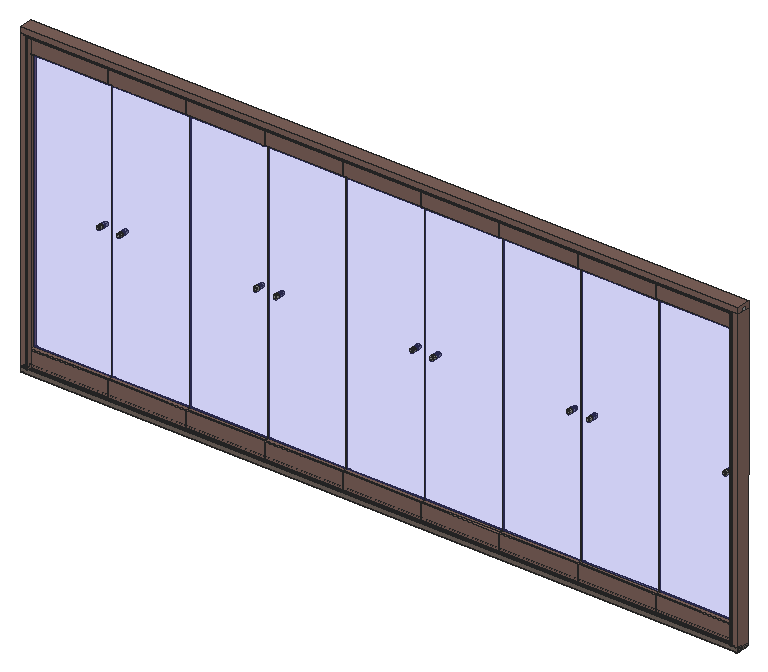
Revit family "FL9L 2385 LH", category Doors, host Wall, Revit 2015 (continued)
Automatic sketch dimensions
  Revolve 17 sketch curve to Revolve 17 sketch curve = 5 mm  (x2)
  Revolve 17 sketch curve to Revolve 17 sketch curve = 16 mm
  Revolve 17 sketch curve to Revolve 17 sketch curve = 1 mm  (x2)
  level to Revolve 17 sketch curve = 1179.5 mm
  Revolve 17 sketch curve to Revolve 17 sketch curve = 10 mm
  Revolve 17 sketch curve to Revolve 17 sketch curve = 14 mm
  Revolve 17 sketch curve to Revolve 17 sketch curve = 0 mm  (x3)
  Revolve 18 sketch curve to host wall = 0 mm
  Revolve 18 sketch curve to host wall = 5 mm
  Revolve 18 sketch curve to Revolve 18 sketch curve = 5 mm
  Revolve 18 sketch curve to Revolve 18 sketch curve = 3 mm
  host wall to Revolve 18 sketch curve = 16 mm
  Revolve 18 sketch curve to Revolve 18 sketch curve = 1 mm  (x2)
  plane 5 to Revolve 18 sketch curve = 1190.5 mm
  Revolve 18 sketch curve to Revolve 18 sketch curve = 0 mm  (x4)
  Revolve 18 sketch curve to Revolve 18 sketch curve = 14 mm
  Revolve 19 sketch curve to host wall = 23 mm
  Revolve 19 sketch curve to Revolve 19 sketch curve = 3 mm
  Revolve 19 sketch curve to Revolve 19 sketch curve = 5 mm  (x2)
  Revolve 19 sketch curve to Revolve 19 sketch curve = 16 mm
  Revolve 19 sketch curve to Revolve 19 sketch curve = 1 mm  (x2)
  plane 5 to Revolve 19 sketch curve = 1190.5 mm
  Revolve 19 sketch curve to Revolve 19 sketch curve = 0 mm  (x4)
  Revolve 19 sketch curve to Revolve 19 sketch curve = 14 mm
  Revolve 20 sketch curve to host wall = 0 mm
  Revolve 20 sketch curve to host wall = 5 mm
  Revolve 20 sketch curve to Revolve 20 sketch curve = 5 mm
  Revolve 20 sketch curve to Revolve 20 sketch curve = 3 mm
  host wall to Revolve 20 sketch curve = 16 mm
  Revolve 20 sketch curve to Revolve 20 sketch curve = 1 mm  (x2)
  level to Revolve 20 sketch curve = 1179.5 mm
  Revolve 20 sketch curve to Revolve 20 sketch curve = 10 mm
  Revolve 20 sketch curve to Revolve 20 sketch curve = 14 mm
  Revolve 20 sketch curve to Revolve 20 sketch curve = 0 mm  (x3)
  Revolve 21 sketch curve to host wall = 23 mm
  Revolve 21 sketch curve to Revolve 21 sketch curve = 3 mm
  Revolve 21 sketch curve to Revolve 21 sketch curve = 5 mm  (x2)
  Revolve 21 sketch curve to Revolve 21 sketch curve = 16 mm
  Revolve 21 sketch curve to Revolve 21 sketch curve = 1 mm  (x2)
  level to Revolve 21 sketch curve = 1179.5 mm
  Revolve 21 sketch curve to Revolve 21 sketch curve = 10 mm
  Revolve 21 sketch curve to Revolve 21 sketch curve = 14 mm
  Revolve 21 sketch curve to Revolve 21 sketch curve = 0 mm  (x3)
  Revolve 22 sketch curve to host wall = 0 mm
  Revolve 22 sketch curve to host wall = 5 mm
  Revolve 22 sketch curve to Revolve 22 sketch curve = 5 mm
  Revolve 22 sketch curve to Revolve 22 sketch curve = 3 mm
  host wall to Revolve 22 sketch curve = 16 mm
  Revolve 22 sketch curve to Revolve 22 sketch curve = 1 mm  (x2)
  plane 5 to Revolve 22 sketch curve = 1190.5 mm
  Revolve 22 sketch curve to Revolve 22 sketch curve = 0 mm  (x4)
  Revolve 22 sketch curve to Revolve 22 sketch curve = 14 mm
  Revolve 23 sketch curve to host wall = 23 mm
  Revolve 23 sketch curve to Revolve 23 sketch curve = 3 mm
  Revolve 23 sketch curve to Revolve 23 sketch curve = 5 mm  (x2)
  Revolve 23 sketch curve to Revolve 23 sketch curve = 16 mm
  Revolve 23 sketch curve to Revolve 23 sketch curve = 1 mm  (x2)
  plane 5 to Revolve 23 sketch curve = 1190.5 mm
  Revolve 23 sketch curve to Revolve 23 sketch curve = 0 mm  (x4)
  Revolve 23 sketch curve to Revolve 23 sketch curve = 14 mm
  Revolve 24 sketch curve to host wall = 0 mm
  Revolve 24 sketch curve to host wall = 5 mm
  Revolve 24 sketch curve to Revolve 24 sketch curve = 5 mm
  Revolve 24 sketch curve to Revolve 24 sketch curve = 3 mm
  host wall to Revolve 24 sketch curve = 16 mm
  Revolve 24 sketch curve to Revolve 24 sketch curve = 1 mm  (x2)
  level to Revolve 24 sketch curve = 1179.5 mm
  Revolve 24 sketch curve to Revolve 24 sketch curve = 10 mm
  Revolve 24 sketch curve to Revolve 24 sketch curve = 14 mm
  Revolve 24 sketch curve to Revolve 24 sketch curve = 0 mm  (x3)
  Revolve 25 sketch curve to host wall = 23 mm
  Revolve 25 sketch curve to Revolve 25 sketch curve = 3 mm
  Revolve 25 sketch curve to Revolve 25 sketch curve = 5 mm  (x2)
  Revolve 25 sketch curve to Revolve 25 sketch curve = 16 mm
  Revolve 25 sketch curve to Revolve 25 sketch curve = 1 mm  (x2)
  level to Revolve 25 sketch curve = 1179.5 mm
  Revolve 25 sketch curve to Revolve 25 sketch curve = 10 mm
  Revolve 25 sketch curve to Revolve 25 sketch curve = 14 mm
  Revolve 25 sketch curve to Revolve 25 sketch curve = 0 mm  (x3)
  Revolve 26 sketch curve to host wall = 0 mm
  Revolve 26 sketch curve to host wall = 5 mm
  Revolve 26 sketch curve to Revolve 26 sketch curve = 5 mm
  Revolve 26 sketch curve to Revolve 26 sketch curve = 3 mm
  host wall to Revolve 26 sketch curve = 16 mm
  Revolve 26 sketch curve to Revolve 26 sketch curve = 1 mm  (x2)
  plane 5 to Revolve 26 sketch curve = 1190.5 mm
  Revolve 26 sketch curve to Revolve 26 sketch curve = 0 mm  (x4)
  Revolve 26 sketch curve to Revolve 26 sketch curve = 14 mm
  Revolve 27 sketch curve to host wall = 23 mm
  Revolve 27 sketch curve to Revolve 27 sketch curve = 3 mm
  Revolve 27 sketch curve to Revolve 27 sketch curve = 5 mm  (x2)
  Revolve 27 sketch curve to Revolve 27 sketch curve = 16 mm
  Revolve 27 sketch curve to Revolve 27 sketch curve = 1 mm  (x2)
  plane 5 to Revolve 27 sketch curve = 1190.5 mm
  Revolve 27 sketch curve to Revolve 27 sketch curve = 0 mm  (x4)
  Revolve 27 sketch curve to Revolve 27 sketch curve = 14 mm
  Revolve 28 sketch curve to host wall = 0 mm
  Revolve 28 sketch curve to host wall = 5 mm
  Revolve 28 sketch curve to Revolve 28 sketch curve = 5 mm
  Revolve 28 sketch curve to Revolve 28 sketch curve = 3 mm
  host wall to Revolve 28 sketch curve = 16 mm
  Revolve 28 sketch curve to Revolve 28 sketch curve = 1 mm  (x2)
  level to Revolve 28 sketch curve = 1179.5 mm
  Revolve 28 sketch curve to Revolve 28 sketch curve = 10 mm
  Revolve 28 sketch curve to Revolve 28 sketch curve = 14 mm
  Revolve 28 sketch curve to Revolve 28 sketch curve = 0 mm  (x3)
  Revolve 29 sketch curve to host wall = 23 mm
  Revolve 29 sketch curve to Revolve 29 sketch curve = 3 mm
  Revolve 29 sketch curve to Revolve 29 sketch curve = 5 mm  (x2)
  Revolve 29 sketch curve to Revolve 29 sketch curve = 16 mm
  Revolve 29 sketch curve to Revolve 29 sketch curve = 1 mm  (x2)
  level to Revolve 29 sketch curve = 1179.5 mm
  Revolve 29 sketch curve to Revolve 29 sketch curve = 10 mm
  Revolve 29 sketch curve to Revolve 29 sketch curve = 14 mm
  Revolve 29 sketch curve to Revolve 29 sketch curve = 0 mm  (x3)
  Revolve 30 sketch curve to host wall = 0 mm
  Revolve 30 sketch curve to host wall = 5 mm
  Revolve 30 sketch curve to Revolve 30 sketch curve = 5 mm
  Revolve 30 sketch curve to Revolve 30 sketch curve = 3 mm
  host wall to Revolve 30 sketch curve = 16 mm
  Revolve 30 sketch curve to Revolve 30 sketch curve = 1 mm  (x2)
  plane 5 to Revolve 30 sketch curve = 1190.5 mm
  Revolve 30 sketch curve to Revolve 30 sketch curve = 0 mm  (x4)
  Revolve 30 sketch curve to Revolve 30 sketch curve = 14 mm
  Revolve 31 sketch curve to host wall = 23 mm
  Revolve 31 sketch curve to Revolve 31 sketch curve = 3 mm
  Revolve 31 sketch curve to Revolve 31 sketch curve = 5 mm  (x2)
  Revolve 31 sketch curve to Revolve 31 sketch curve = 16 mm
  Revolve 31 sketch curve to Revolve 31 sketch curve = 1 mm  (x2)
  plane 5 to Revolve 31 sketch curve = 1190.5 mm
  Revolve 31 sketch curve to Revolve 31 sketch curve = 0 mm  (x4)
  Revolve 31 sketch curve to Revolve 31 sketch curve = 14 mm
  Revolve 32 sketch curve to host wall = 0 mm
  Revolve 32 sketch curve to host wall = 5 mm
  Revolve 32 sketch curve to Revolve 32 sketch curve = 5 mm
  Revolve 32 sketch curve to Revolve 32 sketch curve = 3 mm
  host wall to Revolve 32 sketch curve = 16 mm
  Revolve 32 sketch curve to Revolve 32 sketch curve = 1 mm  (x2)
  level to Revolve 32 sketch curve = 1179.5 mm
  Revolve 32 sketch curve to Revolve 32 sketch curve = 10 mm
  Revolve 32 sketch curve to Revolve 32 sketch curve = 14 mm
  Revolve 32 sketch curve to Revolve 32 sketch curve = 0 mm  (x3)
  host wall to Extrusion 33 sketch curve = 20.5 mm  (x2)
  Extrusion 33 sketch curve to Extrusion 33 sketch curve = 5 mm  (x5)
  Extrusion 33 sketch curve to host wall = 13 mm  (x2)
  Extrusion 33 sketch curve to host wall = 24.5 mm
  Extrusion 33 sketch curve to Extrusion 33 sketch curve = 11.5 mm
  level to Extrusion 33 sketch curve = 24 mm
  Extrusion 33 sketch curve to Extrusion 33 sketch curve = 13 mm
  Extrusion 33 sketch curve to Extrusion 33 sketch curve = 75 mm
  Extrusion 33 sketch curve to Extrusion 33 sketch curve = 45 mm
  plane 5 to Extrusion 33 sketch curve = 188 mm
  Extrusion 33 sketch curve to Extrusion 33 sketch curve = 50 mm
  plane 5 to Extrusion 33 sketch curve = 50 mm
  Extrusion 34 sketch curve to plane 12 = 0 mm
  Extrusion 34 sketch curve to plane 11 = 0 mm
  level to Extrusion 34 sketch curve = 112 mm
  plane 5 to Extrusion 34 sketch curve = 138 mm
  Extrusion 35 sketch curve to host wall = 23 mm  (x2)
  Extrusion 35 sketch curve to Extrusion 35 sketch curve = 1.5 mm  (x2)
  level to Extrusion 35 sketch curve = 112 mm
  Extrusion 35 sketch curve to Extrusion 35 sketch curve = 50 mm  (x2)
  plane 5 to Extrusion 35 sketch curve = 188 mm
  Revolve 36 sketch curve to host wall = 24.5 mm
  Revolve 36 sketch curve to Revolve 36 sketch curve = 5 mm
  Revolve 36 sketch curve to Revolve 36 sketch curve = 2 mm  (x2)
  level to Revolve 36 sketch curve = 141.5 mm
  Revolve 36 sketch curve to Revolve 36 sketch curve = 8.5 mm
  Revolve 36 sketch curve to Revolve 36 sketch curve = 6.469 mm
  Revolve 36 sketch curve to Revolve 36 sketch curve = 5.515 mm
  Revolve 36 sketch curve to Revolve 36 sketch curve = 4.5 mm
  Revolve 37 sketch curve to host wall = 24.5 mm
  Revolve 37 sketch curve to Revolve 37 sketch curve = 5 mm
  Revolve 37 sketch curve to Revolve 37 sketch curve = 2 mm  (x2)
  level to Revolve 37 sketch curve = 152 mm
  Revolve 37 sketch curve to Revolve 37 sketch curve = 8.5 mm
  Revolve 37 sketch curve to Revolve 37 sketch curve = 6.469 mm
  Revolve 37 sketch curve to Revolve 37 sketch curve = 5.515 mm
  Revolve 37 sketch curve to Revolve 37 sketch curve = 4.5 mm
  Revolve 38 sketch curve to host wall = 24.5 mm
  Revolve 38 sketch curve to Revolve 38 sketch curve = 5 mm
  Revolve 38 sketch curve to Revolve 38 sketch curve = 2 mm  (x2)
  plane 5 to Revolve 38 sketch curve = 158.5 mm
  Revolve 38 sketch curve to Revolve 38 sketch curve = 8.5 mm
  Revolve 38 sketch curve to Revolve 38 sketch curve = 6.469 mm
  Revolve 38 sketch curve to Revolve 38 sketch curve = 5.515 mm
  Revolve 38 sketch curve to Revolve 38 sketch curve = 4.5 mm
  Revolve 39 sketch curve to host wall = 24.5 mm
  Revolve 39 sketch curve to Revolve 39 sketch curve = 5 mm
  Revolve 39 sketch curve to Revolve 39 sketch curve = 2 mm  (x2)
  plane 5 to Revolve 39 sketch curve = 148 mm
  Revolve 39 sketch curve to Revolve 39 sketch curve = 8.5 mm
  Revolve 39 sketch curve to Revolve 39 sketch curve = 6.469 mm
  Revolve 39 sketch curve to Revolve 39 sketch curve = 5.515 mm
  Revolve 39 sketch curve to Revolve 39 sketch curve = 4.5 mm
  host wall to Extrusion 40 sketch curve = 20.5 mm  (x2)
  Extrusion 40 sketch curve to Extrusion 40 sketch curve = 5 mm  (x5)
  Extrusion 40 sketch curve to host wall = 13 mm  (x2)
  Extrusion 40 sketch curve to host wall = 24.5 mm
  Extrusion 40 sketch curve to Extrusion 40 sketch curve = 11.5 mm
  level to Extrusion 40 sketch curve = 24 mm
  Extrusion 40 sketch curve to Extrusion 40 sketch curve = 13 mm
  Extrusion 40 sketch curve to Extrusion 40 sketch curve = 75 mm
  Extrusion 40 sketch curve to Extrusion 40 sketch curve = 45 mm
  plane 5 to Extrusion 40 sketch curve = 188 mm
  Extrusion 40 sketch curve to Extrusion 40 sketch curve = 50 mm
  plane 5 to Extrusion 40 sketch curve = 50 mm
  Extrusion 41 sketch curve to plane 14 = 0 mm
  Extrusion 41 sketch curve to plane 13 = 0 mm
  level to Extrusion 41 sketch curve = 112 mm
  plane 5 to Extrusion 41 sketch curve = 138 mm
  Extrusion 42 sketch curve to host wall = 23 mm  (x2)
  Extrusion 42 sketch curve to Extrusion 42 sketch curve = 1.5 mm  (x2)
  level to Extrusion 42 sketch curve = 112 mm
  Extrusion 42 sketch curve to Extrusion 42 sketch curve = 50 mm  (x2)
  plane 5 to Extrusion 42 sketch curve = 188 mm
  Revolve 43 sketch curve to host wall = 24.5 mm
  Revolve 43 sketch curve to Revolve 43 sketch curve = 5 mm
  Revolve 43 sketch curve to Revolve 43 sketch curve = 2 mm  (x2)
  level to Revolve 43 sketch curve = 141.5 mm
  Revolve 43 sketch curve to Revolve 43 sketch curve = 8.5 mm
  Revolve 43 sketch curve to Revolve 43 sketch curve = 6.469 mm
  Revolve 43 sketch curve to Revolve 43 sketch curve = 5.515 mm
  Revolve 43 sketch curve to Revolve 43 sketch curve = 4.5 mm
  Revolve 44 sketch curve to host wall = 24.5 mm
  Revolve 44 sketch curve to Revolve 44 sketch curve = 5 mm
  Revolve 44 sketch curve to Revolve 44 sketch curve = 2 mm  (x2)
  level to Revolve 44 sketch curve = 152 mm
  Revolve 44 sketch curve to Revolve 44 sketch curve = 8.5 mm
  Revolve 44 sketch curve to Revolve 44 sketch curve = 6.469 mm
  Revolve 44 sketch curve to Revolve 44 sketch curve = 5.515 mm
  Revolve 44 sketch curve to Revolve 44 sketch curve = 4.5 mm
  Revolve 45 sketch curve to host wall = 24.5 mm
  Revolve 45 sketch curve to Revolve 45 sketch curve = 5 mm
  Revolve 45 sketch curve to Revolve 45 sketch curve = 2 mm  (x2)
  plane 5 to Revolve 45 sketch curve = 158.5 mm
  Revolve 45 sketch curve to Revolve 45 sketch curve = 8.5 mm
  Revolve 45 sketch curve to Revolve 45 sketch curve = 6.469 mm
  Revolve 45 sketch curve to Revolve 45 sketch curve = 5.515 mm
  Revolve 45 sketch curve to Revolve 45 sketch curve = 4.5 mm
  Revolve 46 sketch curve to host wall = 24.5 mm
  Revolve 46 sketch curve to Revolve 46 sketch curve = 5 mm
  Revolve 46 sketch curve to Revolve 46 sketch curve = 2 mm  (x2)
  plane 5 to Revolve 46 sketch curve = 148 mm
  Revolve 46 sketch curve to Revolve 46 sketch curve = 8.5 mm
  Revolve 46 sketch curve to Revolve 46 sketch curve = 6.469 mm
  Revolve 46 sketch curve to Revolve 46 sketch curve = 5.515 mm
  Revolve 46 sketch curve to Revolve 46 sketch curve = 4.5 mm
  host wall to Extrusion 47 sketch curve = 20.5 mm  (x2)
  Extrusion 47 sketch curve to Extrusion 47 sketch curve = 5 mm  (x5)
  Extrusion 47 sketch curve to host wall = 13 mm  (x2)
  Extrusion 47 sketch curve to host wall = 24.5 mm
  Extrusion 47 sketch curve to Extrusion 47 sketch curve = 11.5 mm
  level to Extrusion 47 sketch curve = 24 mm
  Extrusion 47 sketch curve to Extrusion 47 sketch curve = 13 mm
  Extrusion 47 sketch curve to Extrusion 47 sketch curve = 75 mm
  Extrusion 47 sketch curve to Extrusion 47 sketch curve = 45 mm
  plane 5 to Extrusion 47 sketch curve = 188 mm
  Extrusion 47 sketch curve to Extrusion 47 sketch curve = 50 mm
  plane 5 to Extrusion 47 sketch curve = 50 mm
  Extrusion 48 sketch curve to plane 16 = 0 mm
  Extrusion 48 sketch curve to plane 15 = 0 mm
  level to Extrusion 48 sketch curve = 112 mm
  plane 5 to Extrusion 48 sketch curve = 138 mm
  Extrusion 49 sketch curve to host wall = 23 mm  (x2)
  Extrusion 49 sketch curve to Extrusion 49 sketch curve = 1.5 mm  (x2)
  level to Extrusion 49 sketch curve = 112 mm
  Extrusion 49 sketch curve to Extrusion 49 sketch curve = 50 mm  (x2)
  plane 5 to Extrusion 49 sketch curve = 188 mm
  Revolve 50 sketch curve to host wall = 24.5 mm
  Revolve 50 sketch curve to Revolve 50 sketch curve = 5 mm
  Revolve 50 sketch curve to Revolve 50 sketch curve = 2 mm  (x2)
  level to Revolve 50 sketch curve = 141.5 mm
  Revolve 50 sketch curve to Revolve 50 sketch curve = 8.5 mm
  Revolve 50 sketch curve to Revolve 50 sketch curve = 6.469 mm
  Revolve 50 sketch curve to Revolve 50 sketch curve = 5.515 mm
  Revolve 50 sketch curve to Revolve 50 sketch curve = 4.5 mm
  Revolve 51 sketch curve to host wall = 24.5 mm
  Revolve 51 sketch curve to Revolve 51 sketch curve = 5 mm
  Revolve 51 sketch curve to Revolve 51 sketch curve = 2 mm  (x2)
  level to Revolve 51 sketch curve = 152 mm
  Revolve 51 sketch curve to Revolve 51 sketch curve = 8.5 mm
  Revolve 51 sketch curve to Revolve 51 sketch curve = 6.469 mm
  Revolve 51 sketch curve to Revolve 51 sketch curve = 5.515 mm
  Revolve 51 sketch curve to Revolve 51 sketch curve = 4.5 mm
  Revolve 52 sketch curve to host wall = 24.5 mm
  Revolve 52 sketch curve to Revolve 52 sketch curve = 5 mm
  Revolve 52 sketch curve to Revolve 52 sketch curve = 2 mm  (x2)
  plane 5 to Revolve 52 sketch curve = 158.5 mm
  Revolve 52 sketch curve to Revolve 52 sketch curve = 8.5 mm
  Revolve 52 sketch curve to Revolve 52 sketch curve = 6.469 mm
  Revolve 52 sketch curve to Revolve 52 sketch curve = 5.515 mm
  Revolve 52 sketch curve to Revolve 52 sketch curve = 4.5 mm
  Revolve 53 sketch curve to host wall = 24.5 mm
  Revolve 53 sketch curve to Revolve 53 sketch curve = 5 mm
  Revolve 53 sketch curve to Revolve 53 sketch curve = 2 mm  (x2)
  plane 5 to Revolve 53 sketch curve = 148 mm
  Revolve 53 sketch curve to Revolve 53 sketch curve = 8.5 mm
  Revolve 53 sketch curve to Revolve 53 sketch curve = 6.469 mm
  Revolve 53 sketch curve to Revolve 53 sketch curve = 5.515 mm
  Revolve 53 sketch curve to Revolve 53 sketch curve = 4.5 mm
  host wall to Extrusion 54 sketch curve = 20.5 mm  (x2)
  Extrusion 54 sketch curve to Extrusion 54 sketch curve = 5 mm  (x5)
  Extrusion 54 sketch curve to host wall = 13 mm  (x2)
  Extrusion 54 sketch curve to host wall = 24.5 mm
  Extrusion 54 sketch curve to Extrusion 54 sketch curve = 11.5 mm
  level to Extrusion 54 sketch curve = 24 mm
  Extrusion 54 sketch curve to Extrusion 54 sketch curve = 13 mm
  Extrusion 54 sketch curve to Extrusion 54 sketch curve = 75 mm
  Extrusion 54 sketch curve to Extrusion 54 sketch curve = 45 mm
  plane 5 to Extrusion 54 sketch curve = 188 mm
  Extrusion 54 sketch curve to Extrusion 54 sketch curve = 50 mm
  plane 5 to Extrusion 54 sketch curve = 50 mm
  Extrusion 55 sketch curve to plane 18 = 0 mm
  Extrusion 55 sketch curve to plane 17 = 0 mm
  level to Extrusion 55 sketch curve = 112 mm
  plane 5 to Extrusion 55 sketch curve = 138 mm
  Extrusion 56 sketch curve to host wall = 23 mm  (x2)
  Extrusion 56 sketch curve to Extrusion 56 sketch curve = 1.5 mm  (x2)
  level to Extrusion 56 sketch curve = 112 mm
  Extrusion 56 sketch curve to Extrusion 56 sketch curve = 50 mm  (x2)
  plane 5 to Extrusion 56 sketch curve = 188 mm
  Revolve 57 sketch curve to host wall = 24.5 mm
  Revolve 57 sketch curve to Revolve 57 sketch curve = 5 mm
  Revolve 57 sketch curve to Revolve 57 sketch curve = 2 mm  (x2)
  level to Revolve 57 sketch curve = 141.5 mm
  Revolve 57 sketch curve to Revolve 57 sketch curve = 8.5 mm
  Revolve 57 sketch curve to Revolve 57 sketch curve = 6.469 mm
  Revolve 57 sketch curve to Revolve 57 sketch curve = 5.515 mm
  Revolve 57 sketch curve to Revolve 57 sketch curve = 4.5 mm
  Revolve 58 sketch curve to host wall = 24.5 mm
  Revolve 58 sketch curve to Revolve 58 sketch curve = 5 mm
  Revolve 58 sketch curve to Revolve 58 sketch curve = 2 mm  (x2)
  level to Revolve 58 sketch curve = 152 mm
  Revolve 58 sketch curve to Revolve 58 sketch curve = 8.5 mm
  Revolve 58 sketch curve to Revolve 58 sketch curve = 6.469 mm
  Revolve 58 sketch curve to Revolve 58 sketch curve = 5.515 mm
  Revolve 58 sketch curve to Revolve 58 sketch curve = 4.5 mm
  Revolve 59 sketch curve to host wall = 24.5 mm
  Revolve 59 sketch curve to Revolve 59 sketch curve = 5 mm
  Revolve 59 sketch curve to Revolve 59 sketch curve = 2 mm  (x2)
  plane 5 to Revolve 59 sketch curve = 158.5 mm
  Revolve 59 sketch curve to Revolve 59 sketch curve = 8.5 mm
  Revolve 59 sketch curve to Revolve 59 sketch curve = 6.469 mm
  Revolve 59 sketch curve to Revolve 59 sketch curve = 5.515 mm
  Revolve 59 sketch curve to Revolve 59 sketch curve = 4.5 mm
  Revolve 60 sketch curve to host wall = 24.5 mm
  Revolve 60 sketch curve to Revolve 60 sketch curve = 5 mm
  Revolve 60 sketch curve to Revolve 60 sketch curve = 2 mm  (x2)
  plane 5 to Revolve 60 sketch curve = 148 mm
  Revolve 60 sketch curve to Revolve 60 sketch curve = 8.5 mm
  Revolve 60 sketch curve to Revolve 60 sketch curve = 6.469 mm
  Revolve 60 sketch curve to Revolve 60 sketch curve = 5.515 mm
  Revolve 60 sketch curve to Revolve 60 sketch curve = 4.5 mm
  host wall to Extrusion 61 sketch curve = 20.5 mm  (x2)
  Extrusion 61 sketch curve to Extrusion 61 sketch curve = 5 mm  (x5)
  Extrusion 61 sketch curve to host wall = 13 mm  (x2)
  Extrusion 61 sketch curve to host wall = 24.5 mm
  Extrusion 61 sketch curve to Extrusion 61 sketch curve = 11.5 mm
  level to Extrusion 61 sketch curve = 24 mm
  Extrusion 61 sketch curve to Extrusion 61 sketch curve = 13 mm
  Extrusion 61 sketch curve to Extrusion 61 sketch curve = 75 mm
  Extrusion 61 sketch curve to Extrusion 61 sketch curve = 45 mm
  plane 5 to Extrusion 61 sketch curve = 188 mm
  Extrusion 61 sketch curve to Extrusion 61 sketch curve = 50 mm
  plane 5 to Extrusion 61 sketch curve = 50 mm
  Extrusion 62 sketch curve to plane 20 = 0 mm
  Extrusion 62 sketch curve to plane 19 = 0 mm
  level to Extrusion 62 sketch curve = 112 mm
  plane 5 to Extrusion 62 sketch curve = 138 mm
  Extrusion 63 sketch curve to host wall = 23 mm  (x2)
  Extrusion 63 sketch curve to Extrusion 63 sketch curve = 1.5 mm  (x2)
  level to Extrusion 63 sketch curve = 112 mm
  Extrusion 63 sketch curve to Extrusion 63 sketch curve = 50 mm  (x2)
  plane 5 to Extrusion 63 sketch curve = 188 mm
  Revolve 64 sketch curve to host wall = 24.5 mm
  Revolve 64 sketch curve to Revolve 64 sketch curve = 5 mm
  Revolve 64 sketch curve to Revolve 64 sketch curve = 2 mm  (x2)
  level to Revolve 64 sketch curve = 141.5 mm
  Revolve 64 sketch curve to Revolve 64 sketch curve = 8.5 mm
  Revolve 64 sketch curve to Revolve 64 sketch curve = 6.469 mm
  Revolve 64 sketch curve to Revolve 64 sketch curve = 5.515 mm
  Revolve 64 sketch curve to Revolve 64 sketch curve = 4.5 mm
  Revolve 65 sketch curve to host wall = 24.5 mm
  Revolve 65 sketch curve to Revolve 65 sketch curve = 5 mm
  Revolve 65 sketch curve to Revolve 65 sketch curve = 2 mm  (x2)
  level to Revolve 65 sketch curve = 152 mm
  Revolve 65 sketch curve to Revolve 65 sketch curve = 8.5 mm
  Revolve 65 sketch curve to Revolve 65 sketch curve = 6.469 mm
  Revolve 65 sketch curve to Revolve 65 sketch curve = 5.515 mm
  Revolve 65 sketch curve to Revolve 65 sketch curve = 4.5 mm
  Revolve 66 sketch curve to host wall = 24.5 mm
  Revolve 66 sketch curve to Revolve 66 sketch curve = 5 mm
  Revolve 66 sketch curve to Revolve 66 sketch curve = 2 mm  (x2)
  plane 5 to Revolve 66 sketch curve = 158.5 mm
  Revolve 66 sketch curve to Revolve 66 sketch curve = 8.5 mm
  Revolve 66 sketch curve to Revolve 66 sketch curve = 6.469 mm
  Revolve 66 sketch curve to Revolve 66 sketch curve = 5.515 mm
  Revolve 66 sketch curve to Revolve 66 sketch curve = 4.5 mm
  Revolve 67 sketch curve to host wall = 24.5 mm
  Revolve 67 sketch curve to Revolve 67 sketch curve = 5 mm
  Revolve 67 sketch curve to Revolve 67 sketch curve = 2 mm  (x2)
  plane 5 to Revolve 67 sketch curve = 148 mm
  Revolve 67 sketch curve to Revolve 67 sketch curve = 8.5 mm
  Revolve 67 sketch curve to Revolve 67 sketch curve = 6.469 mm
  Revolve 67 sketch curve to Revolve 67 sketch curve = 5.515 mm
  Revolve 67 sketch curve to Revolve 67 sketch curve = 4.5 mm
  host wall to Extrusion 68 sketch curve = 20.5 mm  (x2)
  Extrusion 68 sketch curve to Extrusion 68 sketch curve = 5 mm  (x5)
  Extrusion 68 sketch curve to host wall = 13 mm  (x2)
  Extrusion 68 sketch curve to host wall = 24.5 mm
  Extrusion 68 sketch curve to Extrusion 68 sketch curve = 11.5 mm
  level to Extrusion 68 sketch curve = 24 mm
  Extrusion 68 sketch curve to Extrusion 68 sketch curve = 13 mm
  Extrusion 68 sketch curve to Extrusion 68 sketch curve = 75 mm
  Extrusion 68 sketch curve to Extrusion 68 sketch curve = 45 mm
  plane 5 to Extrusion 68 sketch curve = 188 mm
  Extrusion 68 sketch curve to Extrusion 68 sketch curve = 50 mm
  plane 5 to Extrusion 68 sketch curve = 50 mm
  Extrusion 69 sketch curve to plane 22 = 0 mm
  Extrusion 69 sketch curve to plane 21 = 0 mm
  level to Extrusion 69 sketch curve = 112 mm
  plane 5 to Extrusion 69 sketch curve = 138 mm
  Extrusion 70 sketch curve to host wall = 23 mm  (x2)
  Extrusion 70 sketch curve to Extrusion 70 sketch curve = 1.5 mm  (x2)
  level to Extrusion 70 sketch curve = 112 mm
  Extrusion 70 sketch curve to Extrusion 70 sketch curve = 50 mm  (x2)
  plane 5 to Extrusion 70 sketch curve = 188 mm
  Revolve 71 sketch curve to host wall = 24.5 mm
  Revolve 71 sketch curve to Revolve 71 sketch curve = 5 mm
  Revolve 71 sketch curve to Revolve 71 sketch curve = 2 mm  (x2)
  level to Revolve 71 sketch curve = 141.5 mm
  Revolve 71 sketch curve to Revolve 71 sketch curve = 8.5 mm
  Revolve 71 sketch curve to Revolve 71 sketch curve = 6.469 mm
  Revolve 71 sketch curve to Revolve 71 sketch curve = 5.515 mm
  Revolve 71 sketch curve to Revolve 71 sketch curve = 4.5 mm
  Revolve 72 sketch curve to host wall = 24.5 mm
  Revolve 72 sketch curve to Revolve 72 sketch curve = 5 mm
  Revolve 72 sketch curve to Revolve 72 sketch curve = 2 mm  (x2)
  level to Revolve 72 sketch curve = 152 mm
  Revolve 72 sketch curve to Revolve 72 sketch curve = 8.5 mm
  Revolve 72 sketch curve to Revolve 72 sketch curve = 6.469 mm
  Revolve 72 sketch curve to Revolve 72 sketch curve = 5.515 mm
  Revolve 72 sketch curve to Revolve 72 sketch curve = 4.5 mm
  Revolve 73 sketch curve to host wall = 24.5 mm
  Revolve 73 sketch curve to Revolve 73 sketch curve = 5 mm
  Revolve 73 sketch curve to Revolve 73 sketch curve = 2 mm  (x2)
  plane 5 to Revolve 73 sketch curve = 158.5 mm
  Revolve 73 sketch curve to Revolve 73 sketch curve = 8.5 mm
  Revolve 73 sketch curve to Revolve 73 sketch curve = 6.469 mm
  Revolve 73 sketch curve to Revolve 73 sketch curve = 5.515 mm
  Revolve 73 sketch curve to Revolve 73 sketch curve = 4.5 mm
  Revolve 74 sketch curve to host wall = 24.5 mm
  Revolve 74 sketch curve to Revolve 74 sketch curve = 5 mm
  Revolve 74 sketch curve to Revolve 74 sketch curve = 2 mm  (x2)
  plane 5 to Revolve 74 sketch curve = 148 mm
  Revolve 74 sketch curve to Revolve 74 sketch curve = 8.5 mm
  Revolve 74 sketch curve to Revolve 74 sketch curve = 6.469 mm
  Revolve 74 sketch curve to Revolve 74 sketch curve = 5.515 mm
  Revolve 74 sketch curve to Revolve 74 sketch curve = 4.5 mm
  host wall to Extrusion 75 sketch curve = 20.5 mm  (x2)
  Extrusion 75 sketch curve to Extrusion 75 sketch curve = 5 mm  (x5)
  Extrusion 75 sketch curve to host wall = 13 mm  (x2)
  Extrusion 75 sketch curve to host wall = 24.5 mm
  Extrusion 75 sketch curve to Extrusion 75 sketch curve = 11.5 mm
  level to Extrusion 75 sketch curve = 24 mm
  Extrusion 75 sketch curve to Extrusion 75 sketch curve = 13 mm
  Extrusion 75 sketch curve to Extrusion 75 sketch curve = 75 mm
  Extrusion 75 sketch curve to Extrusion 75 sketch curve = 45 mm
  plane 5 to Extrusion 75 sketch curve = 188 mm
  Extrusion 75 sketch curve to Extrusion 75 sketch curve = 50 mm
  plane 5 to Extrusion 75 sketch curve = 50 mm
  Extrusion 76 sketch curve to plane 24 = 0 mm
  Extrusion 76 sketch curve to plane 23 = 0 mm
  level to Extrusion 76 sketch curve = 112 mm
  plane 5 to Extrusion 76 sketch curve = 138 mm
  Extrusion 77 sketch curve to host wall = 23 mm  (x2)
  Extrusion 77 sketch curve to Extrusion 77 sketch curve = 1.5 mm  (x2)
  level to Extrusion 77 sketch curve = 112 mm
  Extrusion 77 sketch curve to Extrusion 77 sketch curve = 50 mm  (x2)
  plane 5 to Extrusion 77 sketch curve = 188 mm
  Revolve 78 sketch curve to host wall = 24.5 mm
  Revolve 78 sketch curve to Revolve 78 sketch curve = 5 mm
  Revolve 78 sketch curve to Revolve 78 sketch curve = 2 mm  (x2)
  level to Revolve 78 sketch curve = 141.5 mm
  Revolve 78 sketch curve to Revolve 78 sketch curve = 8.5 mm
  Revolve 78 sketch curve to Revolve 78 sketch curve = 6.469 mm
  Revolve 78 sketch curve to Revolve 78 sketch curve = 5.515 mm
  Revolve 78 sketch curve to Revolve 78 sketch curve = 4.5 mm
  Revolve 79 sketch curve to host wall = 24.5 mm
  Revolve 79 sketch curve to Revolve 79 sketch curve = 5 mm
  Revolve 79 sketch curve to Revolve 79 sketch curve = 2 mm  (x2)
  level to Revolve 79 sketch curve = 152 mm
  Revolve 79 sketch curve to Revolve 79 sketch curve = 8.5 mm
  Revolve 79 sketch curve to Revolve 79 sketch curve = 6.469 mm
  Revolve 79 sketch curve to Revolve 79 sketch curve = 5.515 mm
  Revolve 79 sketch curve to Revolve 79 sketch curve = 4.5 mm
  Revolve 80 sketch curve to host wall = 24.5 mm
  Revolve 80 sketch curve to Revolve 80 sketch curve = 5 mm
  Revolve 80 sketch curve to Revolve 80 sketch curve = 2 mm  (x2)
  plane 5 to Revolve 80 sketch curve = 158.5 mm
  Revolve 80 sketch curve to Revolve 80 sketch curve = 8.5 mm
  Revolve 80 sketch curve to Revolve 80 sketch curve = 6.469 mm
  Revolve 80 sketch curve to Revolve 80 sketch curve = 5.515 mm
  Revolve 80 sketch curve to Revolve 80 sketch curve = 4.5 mm
  Revolve 81 sketch curve to host wall = 24.5 mm
  Revolve 81 sketch curve to Revolve 81 sketch curve = 5 mm
  Revolve 81 sketch curve to Revolve 81 sketch curve = 2 mm  (x2)
  plane 5 to Revolve 81 sketch curve = 148 mm
  Revolve 81 sketch curve to Revolve 81 sketch curve = 8.5 mm
  Revolve 81 sketch curve to Revolve 81 sketch curve = 6.469 mm
  Revolve 81 sketch curve to Revolve 81 sketch curve = 5.515 mm
  Revolve 81 sketch curve to Revolve 81 sketch curve = 4.5 mm
  host wall to Extrusion 82 sketch curve = 20.5 mm  (x2)
  Extrusion 82 sketch curve to Extrusion 82 sketch curve = 5 mm  (x5)
  Extrusion 82 sketch curve to host wall = 13 mm  (x2)
  Extrusion 82 sketch curve to host wall = 24.5 mm
  Extrusion 82 sketch curve to Extrusion 82 sketch curve = 11.5 mm
  level to Extrusion 82 sketch curve = 24 mm
  Extrusion 82 sketch curve to Extrusion 82 sketch curve = 13 mm
  Extrusion 82 sketch curve to Extrusion 82 sketch curve = 75 mm
  Extrusion 82 sketch curve to Extrusion 82 sketch curve = 45 mm
  plane 5 to Extrusion 82 sketch curve = 188 mm
  Extrusion 82 sketch curve to Extrusion 82 sketch curve = 50 mm
  plane 5 to Extrusion 82 sketch curve = 50 mm
  Extrusion 83 sketch curve to plane 26 = 0 mm
  Extrusion 83 sketch curve to plane 25 = 0 mm
  level to Extrusion 83 sketch curve = 112 mm
  plane 5 to Extrusion 83 sketch curve = 138 mm
  Extrusion 84 sketch curve to host wall = 23 mm  (x2)
  Extrusion 84 sketch curve to Extrusion 84 sketch curve = 1.5 mm  (x2)
  level to Extrusion 84 sketch curve = 112 mm
  Extrusion 84 sketch curve to Extrusion 84 sketch curve = 50 mm  (x2)
  plane 5 to Extrusion 84 sketch curve = 188 mm
  Revolve 85 sketch curve to host wall = 24.5 mm
  Revolve 85 sketch curve to Revolve 85 sketch curve = 5 mm
  Revolve 85 sketch curve to Revolve 85 sketch curve = 2 mm  (x2)
  level to Revolve 85 sketch curve = 141.5 mm
  Revolve 85 sketch curve to Revolve 85 sketch curve = 8.5 mm
  Revolve 85 sketch curve to Revolve 85 sketch curve = 6.469 mm
  Revolve 85 sketch curve to Revolve 85 sketch curve = 5.515 mm
  Revolve 85 sketch curve to Revolve 85 sketch curve = 4.5 mm
  Revolve 86 sketch curve to host wall = 24.5 mm
  Revolve 86 sketch curve to Revolve 86 sketch curve = 5 mm
  Revolve 86 sketch curve to Revolve 86 sketch curve = 2 mm  (x2)
  level to Revolve 86 sketch curve = 152 mm
  Revolve 86 sketch curve to Revolve 86 sketch curve = 8.5 mm
  Revolve 86 sketch curve to Revolve 86 sketch curve = 6.469 mm
  Revolve 86 sketch curve to Revolve 86 sketch curve = 5.515 mm
  Revolve 86 sketch curve to Revolve 86 sketch curve = 4.5 mm
  Revolve 87 sketch curve to host wall = 24.5 mm
  Revolve 87 sketch curve to Revolve 87 sketch curve = 5 mm
  Revolve 87 sketch curve to Revolve 87 sketch curve = 2 mm  (x2)
  plane 5 to Revolve 87 sketch curve = 158.5 mm
  Revolve 87 sketch curve to Revolve 87 sketch curve = 8.5 mm
  Revolve 87 sketch curve to Revolve 87 sketch curve = 6.469 mm
  Revolve 87 sketch curve to Revolve 87 sketch curve = 5.515 mm
  Revolve 87 sketch curve to Revolve 87 sketch curve = 4.5 mm
  Revolve 88 sketch curve to host wall = 24.5 mm
  Revolve 88 sketch curve to Revolve 88 sketch curve = 5 mm
  Revolve 88 sketch curve to Revolve 88 sketch curve = 2 mm  (x2)
  plane 5 to Revolve 88 sketch curve = 148 mm
  Revolve 88 sketch curve to Revolve 88 sketch curve = 8.5 mm
  Revolve 88 sketch curve to Revolve 88 sketch curve = 6.469 mm
  Revolve 88 sketch curve to Revolve 88 sketch curve = 5.515 mm
  Revolve 88 sketch curve to Revolve 88 sketch curve = 4.5 mm
  Extrusion 3 sketch curve to plane 26 = 18.5 mm
  Extrusion 3 sketch curve to plane 26 = 6.5 mm
  Extrusion 5 sketch curve to plane 26 = 18.5 mm
  Extrusion 5 sketch curve to plane 26 = 6.5 mm
  Extrusion 7 sketch curve to plane 26 = 3.5 mm
  Extrusion 7 sketch curve to Extrusion 7 sketch curve = 6.5 mm
